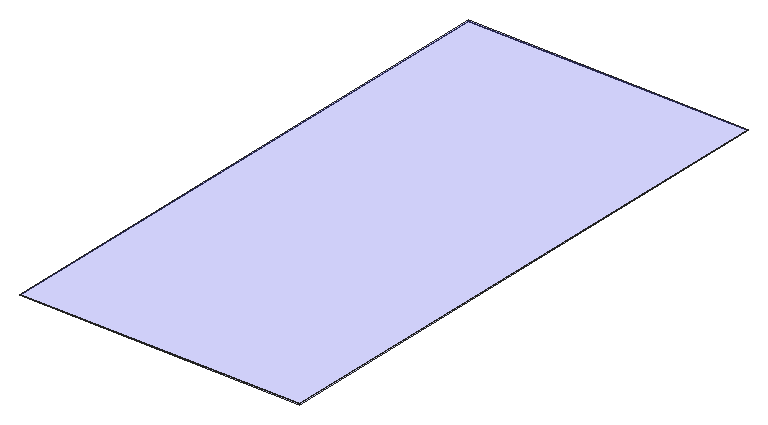
Revit family "DTS-ARKOSTONE", category Generic Models, Revit 2025
Family settings
  Can host rebar = No
  Round Connector Dimension = Use Diameter
  Part Type = Normal
  Work Plane-Based = No
  Always vertical = Yes
  Cut with Voids When Loaded = No
  Maintain Annotation Orientation = No
  Shared = No
  Room Calculation Point = No
Parameters
  Default Elevation = 0 m
Reference planes (m)
  plane 1 "Center (Front/Back)": y = 0
  plane 2: z = 0
  plane 3 "Center (Left/Right)": x = 0
Forms (m)
  Extrusion 1, solid, material "Glass"
    sketch origin (0, 0, 0) x (1, 0, 0) y (0, 0, 1)
      loop
        line (0.152034, 0.171477) -> (0.152034, 0.168977) -> (0.762034, 0.168977) -> (0.762034, 0.171477) -> (0.152034, 0.171477)
    from 0 to 1.22
Dimensions and locks (m)
  aligned and locked: level to plane 2
